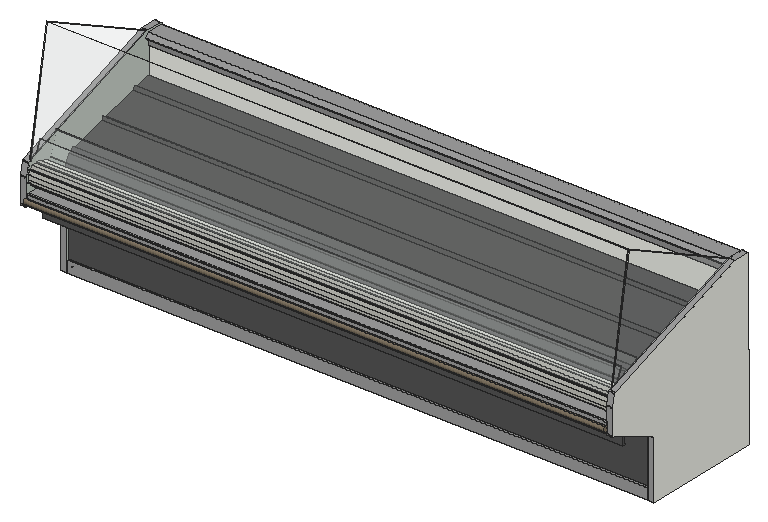
Revit family "DSFM-AG_2014", category Specialty Equipment, Revit 2014
Parameters (values of type "12'-0" Length")
  Width = 144"
  Waste Drain = 1 1/2"  # constant formula
  URL = "www.hussmann.com"
  Type Comments = "Chino"  # constant formula
  Trim = Stainless Steel
  Total Weight = Case Weight + (2 * End Weight)  # 0.00 lbf
  Splashguard = Stainless Steel
  Side Panel - Right [instance] = yes
  Side Panel - Left [instance] = yes
  Shelves = Sheet Metal (Steel Painted) - 701 Black
  Revit Family Date = "09/20/2016"  # constant formula
  Refrigeration Lines Suction = 5/8"  # constant formula
  Refrigeration Lines Liquid = 3/8"  # constant formula
  Refrig. Suction = "Suction"
  Refrig. Liquid = "Liquid"
  Number of Supports = if(Width < 50", 2, if(Width < 100", 3, 4))  # 4
  Note from Manufacturer = "This model only comes in 3'-0\", 4'-0\", 5'-0\", 6'-0\", 8'-0\", 10'-0\", and 12'-0\" lengths."
  Model URL = "http://www.hussmann.com/en/product%20viewer/display-cases/DSFM"
  Model = "DSFM with Angled Glass"  # constant formula
  Manufacturer Disclaimer = "The information in this file is not intended to be an exact representation of the corresponding Hussmann product.  Further, we reserve the right to change or revise specifications and product design in connection with any feature of our products. Such changes do not entitle the buyer to corresponding changes, improvements, additions, or replacements for equipment previously sold or shipped."  # constant formula
  Manufacturer = "Hussmann Corporation"  # constant formula
  Light [instance] = yes
  Height = 58 3/8"  # constant formula
  Glazing = Glass
  Ends = Textured Sheet Metal (Steel Painted) - 149 White Satin Matte
  End Weight = 0.00 lbf  # constant formula
  Drain from Side = if(Width > 73", 13 1/8", if(Width = 72", 66 3/4", 5 1/8"))  # 13 1/8"
  Drain from Centerline = if(Width > 73", 6", if(Width = 72", 5 3/4", if(Width < 71", 6 1/8", 0")))  # 6"
  Door Frame = Plastic - 144 Mist Gray
  Description = "Medium Depth Service Merchandiser for Fresh Seafood Applications"  # constant formula
  Depth = 41 5/8"  # constant formula
  Cutsheet URL = "http://www.hussmann.com/en/Technical%20Documents/DSFM_ds_En.pdf"
  Close Off Panel = Textured Sheet Metal (Steel Painted) - 701 Black
  Case Weight = if(Width = 24", 0.00 lbf, if(Width = 36", 0.00 lbf, if(Width = 48", 0.00 lbf, if(Width = 60", 0.00 lbf, if(Width = 72", 0.00 lbf, if(Width = 96", 0.00 lbf, if(Width = 120", 0.00 lbf, if(Width = 144", 0.00 lbf, 0.00 lbf))))))))  # 0.00 lbf
  Case Interior - Side Panel = Mirror
  Case Interior - Back Panel = Mirror
  Case = Textured Sheet Metal (Steel Painted) - 149 White Satin Matte
  Bumper = Extruded PVC - 747 Chocolate Brown
  Assembly Code = ""
  Accessories/Options = ""
Types (7): name | Width | Number of Supports | Drain from Side | Drain from Centerline
  12'-0" Length | 144" | 4 | 13 1/8" | 6"
  10'-0" Length | 120" | 4 | 13 1/8" | 6"
  8'-0" Length | 96" | 3 | 13 1/8" | 6"
  6'-0" Length | 72" | 3 | 66 3/4" | 5 3/4"
  5'-0" Length | 60" | 3 | 5 1/8" | 6 1/8"
  4'-0" Length | 48" | 2 | 5 1/8" | 6 1/8"
  3'-0" Length | 36" | 2 | 5 1/8" | 6 1/8"
Reference planes (in)
  plane 1 "Back": y = 0
  plane 2 "Bottom": z = 0
  plane 3 "Left": x = -77.30699
  plane 4 "Front": y = -41.625
  plane 5 "Center (Left/Right)": x = -5.30699
  plane 6: x = -78.80699
  plane 7 "Right": x = 66.69301
  plane 8: x = 68.19301
Forms (in)
  Extrusion 1, solid, material "Metal - Copper"
    sketch origin (57.40105, 5, -0.375) x (1, 0, 0) y (0, 1, 0)
      loop
        circle (-1.02054, -21.125) r 0.28859
      loop
        circle (-1.02054, -21.125) r 0.3125
    from 17.625 to 0.41
  Extrusion 2, solid, material "Metal - Copper"
    sketch origin (59.82608, 5, -0.375) x (1, 0, 0) y (0, 1, 0)
      loop
        circle (-2.94557, -21.125) r 0.17188
      loop
        circle (-2.94557, -21.125) r 0.1875
    from 17.625 to 0.375
  Extrusion 3, solid, material "Metal - Copper"
    sketch origin (-56.6875, 1.04319, 0) x (1, 0, 0) y (0, 1, 0)
      loop
        arc (-7.49449, -19.79319) -> (-8.02482, -20.01286) -> (-8.24449, -20.54319) r 0.75
        arc (-8.24449, -20.54319) -> (-8.02482, -21.07352) -> (-7.49449, -21.29319) r 0.75
        arc (-7.49449, -21.29319) -> (-6.96416, -21.07352) -> (-6.74449, -20.54319) r 0.75
        arc (-6.74449, -20.54319) -> (-6.96416, -20.01286) -> (-7.49449, -19.79319) r 0.75
      loop
        circle (-7.49449, -20.54319) r 0.7102
    from 16.34236 to 0
  Extrusion 4, solid, material "Metal - Copper"
    sketch origin (9.1875, 1.04319, 0) x (1, 0, 0) y (0, 1, 0)
      loop
        arc (-8.49449, -19.79319) -> (-9.02482, -20.01286) -> (-9.24449, -20.54319) r 0.75
        arc (-9.24449, -20.54319) -> (-9.02482, -21.07352) -> (-8.49449, -21.29319) r 0.75
        arc (-8.49449, -21.29319) -> (-7.96416, -21.07352) -> (-7.74449, -20.54319) r 0.75
        arc (-7.74449, -20.54319) -> (-7.96416, -20.01286) -> (-8.49449, -19.79319) r 0.75
      loop
        circle (-8.49449, -20.54319) r 0.7102
    from 16.34236 to 11.35892
  Extrusion 5, solid, material "Textured Sheet Metal (Steel Painted) - 149 White Satin Matte" <- "Case"
    sketch origin (-77.30699, 0, 0) x (0, 1, 0) y (0, 0, 1)
      loop
        line (-27.83594, 14.76385) -> (-27.83594, 0.83962) -> (-2.10346, 0.83962) -> (-2.10346, 14.62462) -> (0, 14.62462) -> (0, 42.51732) -> (-3.90855, 42.51732) -> (-3.90855, 40.51732) -> (-3.74953, 39.92387) -> (-3.6691, 39.92387) -> (-3.6691, 29.66553) -> (-7.27325, 28.52488) -> (-7.27325, 23.80279) -> (-8.62625, 23.69965) -> (-15.99507, 19.72211) -> (-15.99507, 17.26171) -> (-16.56548, 17.25175) -> (-16.56548, 16.34236) -> (-20.50298, 16.34236) -> (-20.50298, 17.26314) -> (-28.16873, 17.77684) -> (-36.20983, 21.19008) -> (-36.20983, 25.63995) -> (-36.06026, 27.34944) -> (-36.06026, 28.26483) -> (-37.92615, 28.62819) -> (-37.92615, 23.01712) -> (-41.306, 23.01712) -> (-41.556, 22.76712) -> (-41.556, 20.39212) -> (-41.09532, 20.39212) -> (-27.83594, 14.76385)
    from 0 to 144 <- "Width"
  Extrusion 6, solid, material "Stainless Steel" <- "Trim"
    sketch origin (-77.30699, 0, 0) x (0, 1, 0) y (0, 0, 1)
      loop
        line (-39.15131, 19.38055) -> (-39.09255, 19.54199) -> (-41.09532, 20.39212) -> (-41.556, 20.39212) -> (-41.556, 22.76712) -> (-41.306, 23.01712) -> (-37.92615, 23.01712) -> (-37.92615, 24.23914) -> (-37.99027, 24.23914) -> (-37.99027, 23.06512) -> (-41.4935, 23.06512)
        arc (-41.4935, 23.06512) -> (-41.61583, 23.01445) -> (-41.6665, 22.89212) r 0.173
        line (-41.6665, 22.89212) -> (-41.6665, 20.29601) -> (-39.15131, 19.38055)
    from 0 to 144 <- "Width"
  Extrusion 7, solid, material "Extruded PVC - 747 Chocolate Brown" <- "Bumper"
    sketch origin (-77.30699, 0, 0) x (0, 1, 0) y (0, 0, 1)
      loop
        arc (-42.0733, 22.13217) -> (-42.57553, 21.56967) -> (-42.0733, 21.00717) r 0.56612
        line (-42.0733, 21.00717) -> (-41.6665, 21.00717) -> (-41.6665, 21.37717) -> (-42.01053, 21.37717) -> (-42.01053, 21.49838)
        arc (-42.01053, 21.49838) -> (-41.97735, 21.56967) -> (-42.01053, 21.64097) r 0.09318
        line (-42.01053, 21.64097) -> (-42.01053, 21.76217) -> (-41.6665, 21.76217) -> (-41.6665, 22.13217) -> (-42.0733, 22.13217)
    from 0 to 144 <- "Width"
  Extrusion 8, solid, material "Stainless Steel" <- "Trim"
    sketch origin (-77.30699, 0, 0) x (0, 1, 0) y (0, 0, 1)
      loop
        line (-28.97798, 2.78974) -> (-28.97831, 0) -> (-28.4433, 0) -> (-28.4433, 0.035) -> (-28.9433, 0.035) -> (-28.9433, 2.785) -> (-28.90096, 3.09462) -> (-28.93565, 3.09929) -> (-28.97798, 2.78974)
      loop
        line (-1.91944, 0.48261) -> (-1.91944, 2.85914) -> (-1.94136, 3.10971) -> (-1.97623, 3.10666) -> (-1.95444, 2.85761) -> (-1.95444, 0.46987) -> (-1.61667, 0.06733) -> (-1.23482, 0) -> (-1.22874, 0.03447) -> (-1.59804, 0.09959) -> (-1.91944, 0.48261)
    from 0 to 144 <- "Width"
  Extrusion 9, solid, material "Textured Sheet Metal (Steel Painted) - 701 Black" <- "Close Off Panel"
    sketch origin (-77.30699, 0, 0) x (0, 1, 0) y (0, 0, 1)
      loop
        line (-28.89742, 0.75286) -> (-28.82456, 0.75286) -> (-28.82456, 15.18349) -> (-28.89742, 15.21442) -> (-28.89742, 0.75286)
      loop
        line (-1.97846, 0.83962) -> (-1.97846, 14.58962) -> (-2.10346, 14.58962) -> (-2.10346, 0.83962) -> (-1.97846, 0.83962)
    from 0 to 144 <- "Width"
  Extrusion 10, solid, material "Glass" <- "Glazing"
    sketch origin (-77.30699, 0, 0) x (0, 1, 0) y (0, 0, 1)
      loop
        line (-37.21672, 33.32229) -> (-37.24113, 33.37234) -> (-37.39003, 33.42361) -> (-37.44007, 33.3992) -> (-39.20891, 28.26213) -> (-39.1845, 28.21209) -> (-39.0356, 28.16082) -> (-38.98556, 28.18522) -> (-37.21672, 33.32229)
      loop
        line (-32.56173, 33.28373) -> (-34.42614, 28.06337) -> (-34.42614, 24.52546) -> (-34.17614, 24.52546) -> (-34.17614, 28.02006) -> (-32.32629, 33.19964)
        arc (-32.32629, 33.19964) -> (-32.40197, 33.3594) -> (-32.56173, 33.28373) r 0.125
      loop
        line (-34.88001, 58.36725) -> (-35.12582, 58.41281) -> (-40.95791, 26.94874) -> (-40.93268, 26.91203) -> (-40.74881, 26.87795) -> (-40.7121, 26.90318) -> (-34.88001, 58.36725)
    from 0 to 144 <- "Width"
  Extrusion 11, solid, material "Plastic - 144 Mist Gray" <- "Door Frame"
    sketch origin (-77.30699, 0, 0) x (0, 1, 0) y (0, 0, 1)
      loop
        arc (-37.92615, 28.87709) -> (-38.34989, 28.95475) -> (-38.76284, 28.83204) r 0.92486
        line (-38.76284, 28.83204) -> (-38.98556, 28.18522) -> (-39.0356, 28.16082) -> (-39.1845, 28.21209) -> (-39.20891, 28.26213) -> (-39.00656, 28.84979) -> (-40.35128, 28.84979) -> (-40.71783, 26.87225) -> (-40.96379, 26.91706) -> (-40.71176, 28.27671) -> (-40.81127, 28.14936) -> (-40.90276, 28.08871)
        arc (-40.90276, 28.08871) -> (-40.90535, 28.07024) -> (-40.8867, 28.06992) r 0.01245
        line (-40.8867, 28.06992) -> (-40.84348, 28.0623) -> (-40.87344, 28.0514) -> (-41.24256, 27.01633) -> (-41.36709, 25.93044) -> (-41.36709, 25.30649)
        arc (-41.36709, 25.30649) -> (-41.35556, 25.27865) -> (-41.32772, 25.26712) r 0.03937
        line (-41.32772, 25.26712) -> (-41.26867, 25.26712)
        arc (-41.26867, 25.26712) -> (-41.24083, 25.27865) -> (-41.2293, 25.30649) r 0.03937
        line (-41.2293, 25.30649) -> (-41.2293, 25.40491) -> (-41.28835, 25.46397) -> (-41.28835, 25.95609) -> (-41.2293, 26.05384) -> (-40.64268, 26.05384) -> (-40.64268, 24.70609)
        arc (-40.64268, 24.70609) -> (-40.59347, 24.65688) -> (-40.54426, 24.70609) r 0.04921
        line (-40.54426, 24.70609) -> (-40.54426, 25.1883) -> (-39.7845, 25.1883) -> (-39.7845, 25.05058) -> (-38.85135, 25.05058) -> (-38.85135, 24.57814) -> (-38.63481, 24.57814) -> (-38.63481, 24.4994) -> (-38.06394, 24.4994) -> (-38.06394, 24.3616) -> (-37.92615, 24.3616) -> (-37.92615, 28.87709)
    from 0 to 144 <- "Width"
  Extrusion 12, solid, material "Sheet Metal (Steel Painted) - 701 Black" <- "Shelves"
    sketch origin (-77.30699, 0, 0) x (0, 1, 0) y (0, 0, 1)
      loop
        line (-36.20983, 23.90789) -> (-33.73639, 23.90789) -> (-30.74171, 22.17891) -> (-3.6691, 30.52079) -> (-3.6691, 31.07755) -> (-4.13417, 30.9343) -> (-4.13417, 33.08566) -> (-7.58128, 32.14658) -> (-8.37125, 32.59829) -> (-8.82296, 31.80832) -> (-17.09693, 29.55428) -> (-17.94767, 30.04074) -> (-18.40956, 29.23297) -> (-26.70331, 26.97354) -> (-27.51108, 27.43543) -> (-27.99754, 26.58469) -> (-28.678, 26.39931) -> (-30.67615, 22.75882) -> (-33.59303, 24.44289) -> (-36.20983, 24.44289) -> (-36.20983, 23.90789)
    from 0 to 144 <- "Width"
  Extrusion 13, solid, material "Stainless Steel" <- "Trim"
    sketch origin (-77.30699, 0, 0) x (0, 1, 0) y (0, 0, 1)
      loop
        arc (-27.02344, 0.0785) -> (-27.00045, 0.02299) -> (-26.94494, 0) r 0.0785
        line (-26.94494, 0) -> (-25.25744, 0)
        arc (-25.25744, 0) -> (-25.20193, 0.02299) -> (-25.17894, 0.0785) r 0.0785
        line (-25.17894, 0.0785) -> (-25.17894, 0.766) -> (-24.42894, 0.766) -> (-24.42894, 0.83962) -> (-25.20619, 0.83962)
        arc (-25.20619, 0.83962) -> (-25.24336, 0.81085) -> (-25.25744, 0.766) r 0.0785
        line (-25.25744, 0.766) -> (-25.25744, 0.0785) -> (-26.94494, 0.0785) -> (-26.94494, 0.766)
        arc (-26.94494, 0.766) -> (-26.95901, 0.81085) -> (-26.99619, 0.83962) r 0.0785
        line (-26.99619, 0.83962) -> (-27.83594, 0.83962) -> (-27.83594, 1.657) -> (-27.91444, 1.657) -> (-27.91444, 0.8445)
        arc (-27.91444, 0.8445) -> (-27.89145, 0.78899) -> (-27.83594, 0.766) r 0.0785
        line (-27.83594, 0.766) -> (-27.02344, 0.766) -> (-27.02344, 0.0785)
      loop
        arc (-4.71994, 0.766) -> (-4.69873, 0.75721) -> (-4.68994, 0.736) r 0.03
        line (-4.68994, 0.736) -> (-4.68994, 0.0785)
        arc (-4.68994, 0.0785) -> (-4.66695, 0.02299) -> (-4.61144, 0) r 0.0785
        line (-4.61144, 0) -> (-2.92394, 0)
        arc (-2.92394, 0) -> (-2.86843, 0.02299) -> (-2.84544, 0.0785) r 0.0785
        line (-2.84544, 0.0785) -> (-2.84544, 0.736)
        arc (-2.84544, 0.736) -> (-2.83665, 0.75721) -> (-2.81544, 0.766) r 0.03
        line (-2.81544, 0.766) -> (-2.03294, 0.766) -> (-2.03294, 0.8445) -> (-2.84544, 0.8445)
        arc (-2.84544, 0.8445) -> (-2.90095, 0.82151) -> (-2.92394, 0.766) r 0.0785
        line (-2.92394, 0.766) -> (-2.92394, 0.1085)
        arc (-2.92394, 0.1085) -> (-2.93273, 0.08729) -> (-2.95394, 0.0785) r 0.03
        line (-2.95394, 0.0785) -> (-4.58144, 0.0785)
        arc (-4.58144, 0.0785) -> (-4.60265, 0.08729) -> (-4.61144, 0.1085) r 0.03
        line (-4.61144, 0.1085) -> (-4.61144, 0.736)
        arc (-4.61144, 0.736) -> (-4.64322, 0.81272) -> (-4.71994, 0.8445) r 0.1085
        line (-4.71994, 0.8445) -> (-5.42274, 0.8445) -> (-5.42274, 0.766) -> (-4.71994, 0.766)
    from 0 to 144 <- "Width"
  Extrusion 14, solid, material "Stainless Steel" <- "Trim"
    sketch origin (-77.30699, 0, 0) x (0, 1, 0) y (0, 0, 1)
      loop
        line (-3.6691, 39.52827) -> (-3.6691, 39.92387) -> (-3.74953, 39.92387) -> (-3.90855, 40.51732) -> (-3.90855, 42.51732) -> (0, 42.51732) -> (0, 41.32812) -> (0.0625, 41.32812) -> (0.0625, 42.56512) -> (-3.987, 42.56512) -> (-4.92495, 41.62717) -> (-4.67501, 41.30726) -> (-4.64743, 41.32881) -> (-4.78055, 41.49919) -> (-4.34034, 41.43732) -> (-3.87598, 39.47921) -> (-3.6691, 39.52827)
    from 0 to 144 <- "Width"
  Extrusion 15, solid, material "Textured Sheet Metal (Steel Painted) - 701 Black" <- "Close Off Panel", visible <- "Light"
    sketch origin (-77.30699, 0, 0) x (0, 1, 0) y (0, 0, 1)
      loop
        line (-36.625, 18.49458) -> (-36.625, 15.49458) -> (-36.125, 15.49458) -> (-36.125, 15.74458) -> (-36.1875, 15.74458) -> (-36.1875, 15.55708) -> (-36.5625, 15.55708) -> (-36.5625, 18.46805) -> (-36.625, 18.49458)
    from 0 to 144 <- "Width"
  Extrusion 16, solid, material "Glass" <- "Glazing", visible <- "Side Panel - Left"
    sketch origin (-77.30699, 0, 0) x (0, 1, 0) y (0, 0, 1)
      loop
        line (-34.88001, 58.36725) -> (-40.1583, 29.89094) -> (-4.01328, 42.80055) -> (-34.88001, 58.36725)
    from -0.25 to 0
  Extrusion 17, solid, material "Textured Sheet Metal (Steel Painted) - 149 White Satin Matte" <- "Ends", visible <- "Side Panel - Left"
    sketch origin (-77.30699, 0, 0) x (0, 1, 0) y (0, 0, 1)
      loop
        line (-3.9725, 42.81512) -> (-40.83797, 29.64818)
        arc (-40.83797, 29.64818) -> (-40.94058, 29.57902) -> (-40.99744, 29.46911) r 0.25
        line (-40.99744, 29.46911) -> (-41.65998, 26.62479)
        arc (-41.65998, 26.62479) -> (-41.66487, 26.59661) -> (-41.6665, 26.56807) r 0.25
        line (-41.6665, 26.56807) -> (-41.6665, 20.25686)
        arc (-41.6665, 20.25686) -> (-41.62497, 20.11888) -> (-41.51418, 20.02674) r 0.25
        line (-41.51418, 20.02674) -> (-29.37589, 14.87434)
        arc (-29.37589, 14.87434) -> (-29.20971, 14.73612) -> (-29.14742, 14.52915) r 0.375
        line (-29.14742, 14.52915) -> (-29.14742, 0.035) -> (0.25, 0.035) -> (0.25, 42.56512)
        arc (0.25, 42.56512) -> (0.17678, 42.74189) -> (0, 42.81512) r 0.25
        line (0, 42.81512) -> (-3.9725, 42.81512)
    from -1.5 to 0
  Extrusion 18, solid, material "Textured Sheet Metal (Steel Painted) - 149 White Satin Matte" <- "Ends", visible <- "Side Panel - Right"
    sketch origin (-77.30699, 0, 0) x (0, 1, 0) y (0, 0, 1)
      loop
        line (-3.9725, 42.81512) -> (-40.83797, 29.64818)
        arc (-40.83797, 29.64818) -> (-40.94058, 29.57902) -> (-40.99744, 29.46911) r 0.25
        line (-40.99744, 29.46911) -> (-41.65998, 26.62479)
        arc (-41.65998, 26.62479) -> (-41.66487, 26.59661) -> (-41.6665, 26.56807) r 0.25
        line (-41.6665, 26.56807) -> (-41.6665, 20.25686)
        arc (-41.6665, 20.25686) -> (-41.62497, 20.11888) -> (-41.51418, 20.02674) r 0.25
        line (-41.51418, 20.02674) -> (-29.37589, 14.87434)
        arc (-29.37589, 14.87434) -> (-29.20971, 14.73612) -> (-29.14742, 14.52915) r 0.375
        line (-29.14742, 14.52915) -> (-29.14742, 0.035) -> (0.25, 0.035) -> (0.25, 42.56512)
        arc (0.25, 42.56512) -> (0.17678, 42.74189) -> (0, 42.81512) r 0.25
        line (0, 42.81512) -> (-3.9725, 42.81512)
    from 145.5 to 144
  Extrusion 19, solid, material "Glass" <- "Glazing", visible <- "Side Panel - Right"
    sketch origin (-77.30699, 0, 0) x (0, 1, 0) y (0, 0, 1)
      loop
        line (-34.88001, 58.36725) -> (-40.1583, 29.89094) -> (-4.01328, 42.80055) -> (-34.88001, 58.36725)
    from 144 to 144.25
Lines and regions (in)
  reference lines
    curve 1: line (-64.18199, -41.625, 0) -> (-64.18199, 0, 0)
    curve 2: line (56.69301, -41.625, 0) -> (56.69301, 0, 0)
    curve 3: line (-77.30699, -19.5, 0) -> (66.69301, -19.5, 0)
    curve 4: line (66.69301, -16.125, 0) -> (-77.30699, -16.125, 0)
    curve 5: line (0.69301, -41.625, 0) -> (0.69301, 0, 0)
Dimensions and locks (in)
  equal spacing: plane 3 "Left", plane 5 "Center (Left/Right)", plane 7 "Right"
  locked: plane 6 to plane 3 "Left" at 1.5
  "Width": plane 3 "Left" to plane 7 "Right"
  "Drain from Side": plane 3 "Left" to curve 1
  "Depth": plane 4 "Front" to plane 1 "Back"
  locked: curve 2 to plane 7 "Right" at 10
  locked: curve 3 to plane 4 "Front" at 22.125
  locked: plane 1 "Back" to curve 4 at 16.125
  locked: plane 7 "Right" to plane 8 at 1.5
  locked: Extrusion 3 sketch curve to Extrusion 3 sketch curve at 0.0398
  locked: Extrusion 2 sketch curve to Extrusion 2 sketch curve at 0.01562
  locked: Extrusion 1 sketch curve to Extrusion 1 sketch curve at 0.02391
  "Drain from Centerline": plane 5 "Center (Left/Right)" to curve 5
  locked: Extrusion 4 sketch curve to Extrusion 4 sketch curve at 0.0398
  locked: nested 1 to plane 1 "Back" at 34.75
  locked: plane 3 "Left" to nested 1
  locked: plane 3 "Left" to Extrusion 16 at 0.25
  locked: Extrusion 19 to plane 7 "Right" at 0.25
  "Waste Drain": diameter of Extrusion 3 sketch curve
  "Refrigeration Lines Liquid": diameter of Extrusion 2 sketch curve
  "Refrigeration Lines Suction": diameter of Extrusion 1 sketch curve
  "Waste Drain": diameter of Extrusion 4 sketch curve
  aligned and locked: plane 4 "Front" to curve 1
  aligned and locked: plane 3 "Left" to curve 3
  aligned and locked: plane 3 "Left" to curve 4
  aligned and locked: plane 7 "Right" to curve 4
  aligned and locked: plane 7 "Right" to curve 3
  aligned and locked: curve 4 to Extrusion 2 sketch curve  (x4)
  aligned and locked: curve 4 to Extrusion 1 sketch curve  (x4)
  aligned and locked: curve 3 to Extrusion 3 sketch curve
  aligned and locked: curve 1 to Extrusion 3 sketch curve
  aligned and locked: curve 2 to Extrusion 2 sketch curve
  aligned and locked: curve 2 to Extrusion 1 sketch curve
  aligned and locked: curve 5 to Extrusion 4 sketch curve  (x2)
  aligned and locked: curve 3 to Extrusion 4 sketch curve  (x2)
  aligned and locked: plane 6 to Extrusion 17
  aligned and locked: plane 3 "Left" to Extrusion 17
  aligned and locked: plane 3 "Left" to Extrusion 16
  aligned and locked: plane 8 to Extrusion 18
  aligned and locked: Extrusion 18 to plane 7 "Right"
  aligned and locked: Extrusion 19 to plane 7 "Right"
Automatic sketch dimensions
  Extrusion 5 sketch curve to plane 1 "Back" = 0"
  plane 1 "Back" to Extrusion 5 sketch curve = 2.10346"
  plane 1 "Back" to Extrusion 5 sketch curve = 3.6691"
  Extrusion 5 sketch curve to Extrusion 5 sketch curve = 0.08043"
  Extrusion 5 sketch curve to Extrusion 5 sketch curve = 0.15901"
  Extrusion 5 sketch curve to Extrusion 5 sketch curve = 3.60415"
  Extrusion 5 sketch curve to Extrusion 5 sketch curve = 1.353"
  Extrusion 5 sketch curve to Extrusion 5 sketch curve = 7.36883"
  Extrusion 5 sketch curve to Extrusion 5 sketch curve = 0.57041"
  Extrusion 5 sketch curve to Extrusion 5 sketch curve = 3 15/16"
  Extrusion 5 sketch curve to Extrusion 5 sketch curve = 7.66575"
  plane 4 "Front" to Extrusion 5 sketch curve = 5.56474"
  Extrusion 5 sketch curve to Extrusion 5 sketch curve = 0.14956"
  Extrusion 5 sketch curve to Extrusion 5 sketch curve = 1.86588"
  plane 4 "Front" to Extrusion 5 sketch curve = 0.069"
  Extrusion 5 sketch curve to Extrusion 5 sketch curve = 0.90939"
  Extrusion 5 sketch curve to Extrusion 5 sketch curve = 0.00996"
  Extrusion 5 sketch curve to Extrusion 5 sketch curve = 1.70949"
  Extrusion 5 sketch curve to Extrusion 5 sketch curve = 0.91538"
  Extrusion 5 sketch curve to Extrusion 5 sketch curve = 0.36336"
  Extrusion 5 sketch curve to Extrusion 5 sketch curve = 1.14065"
  Extrusion 5 sketch curve to Extrusion 5 sketch curve = 10.25834"
  Extrusion 5 sketch curve to Extrusion 5 sketch curve = 0.59345"
  Extrusion 5 sketch curve to Extrusion 5 sketch curve = 2"
  level to Extrusion 5 sketch curve = 0.83962"
  Extrusion 5 sketch curve to Extrusion 5 sketch curve = 0.3328"
  Extrusion 5 sketch curve to Extrusion 5 sketch curve = 0.46068"
  plane 4 "Front" to Extrusion 5 sketch curve = 0.319"
  Extrusion 5 sketch curve to Extrusion 5 sketch curve = 3.01299"
  Extrusion 5 sketch curve to Extrusion 5 sketch curve = 2 3/8"
  Extrusion 5 sketch curve to Extrusion 5 sketch curve = 0.79796"
  Extrusion 5 sketch curve to Extrusion 5 sketch curve = 1/4"
  Extrusion 6 sketch curve to plane 4 "Front" = 0.0415"
  plane 4 "Front" to Extrusion 6 sketch curve = 2.47369"
  Extrusion 6 sketch curve to Extrusion 6 sketch curve = 0.91545"
  plane 4 "Front" to Extrusion 6 sketch curve = 0.1315"
  Extrusion 6 sketch curve to Extrusion 6 sketch curve = 3.50323"
  Extrusion 6 sketch curve to Extrusion 6 sketch curve = 0.048"
  Extrusion 6 sketch curve to Extrusion 6 sketch curve = 3/16"
  plane 4 "Front" to Extrusion 6 sketch curve = 0.069"
  Extrusion 6 sketch curve to Extrusion 6 sketch curve = 1/8"
  Extrusion 6 sketch curve to Extrusion 6 sketch curve = 0.09611"
  Extrusion 6 sketch curve to Extrusion 6 sketch curve = 0.46068"
  Extrusion 6 sketch curve to Extrusion 6 sketch curve = 0.05876"
  Extrusion 6 sketch curve to Extrusion 6 sketch curve = 0.06412"
  Extrusion 7 sketch curve to plane 4 "Front" = 0.4483"  (x2)
  Extrusion 7 sketch curve to plane 4 "Front" = 0.44553"
  Extrusion 7 sketch curve to Extrusion 7 sketch curve = 0.06"  (x2)
  Extrusion 7 sketch curve to Extrusion 7 sketch curve = 0.06112"
  Extrusion 7 sketch curve to plane 4 "Front" = 0.0415"  (x2)
  Extrusion 7 sketch curve to Extrusion 7 sketch curve = 0.37"
  Extrusion 7 sketch curve to Extrusion 7 sketch curve = 0.1212"  (x2)
  Extrusion 7 sketch curve to Extrusion 7 sketch curve = 0.0713"
  Extrusion 7 sketch curve to Extrusion 7 sketch curve = 0"
  level to Extrusion 8 sketch curve = 0"
  Extrusion 8 sketch curve to Extrusion 8 sketch curve = 0.00033"
  level to Extrusion 8 sketch curve = 3.09929"
  Extrusion 8 sketch curve to Extrusion 8 sketch curve = 0.04233"
  plane 4 "Front" to Extrusion 8 sketch curve = 12.64669"
  Extrusion 8 sketch curve to Extrusion 8 sketch curve = 1/2"
  Extrusion 8 sketch curve to Extrusion 8 sketch curve = 0.035"  (x2)
  level to Extrusion 8 sketch curve = 0.035"
  Extrusion 8 sketch curve to Extrusion 8 sketch curve = 0.00474"
  Extrusion 8 sketch curve to Extrusion 8 sketch curve = 0.30955"
  level to Extrusion 8 sketch curve = 3.09462"
  Extrusion 8 sketch curve to Extrusion 8 sketch curve = 0.03469"
  plane 4 "Front" to Extrusion 9 sketch curve = 12.72758"
  Extrusion 9 sketch curve to Extrusion 9 sketch curve = 0.07285"
  level to Extrusion 9 sketch curve = 0.75286"
  Extrusion 9 sketch curve to Extrusion 9 sketch curve = 0.03092"
  plane 1 "Back" to Extrusion 9 sketch curve = 1.97846"
  Extrusion 9 sketch curve to Extrusion 9 sketch curve = 1/8"
  level to Extrusion 9 sketch curve = 0.83962"
  plane 1 "Back" to Extrusion 8 sketch curve = 1.91944"
  level to Extrusion 8 sketch curve = 2.85914"
  Extrusion 8 sketch curve to Extrusion 8 sketch curve = 0.02192"
  Extrusion 8 sketch curve to Extrusion 8 sketch curve = 0.25057"
  Extrusion 8 sketch curve to Extrusion 8 sketch curve = 0.03487"
  Extrusion 8 sketch curve to Extrusion 8 sketch curve = 0.01274"
  Extrusion 8 sketch curve to level = 0"
  Extrusion 8 sketch curve to Extrusion 8 sketch curve = 0.32139"
  level to Extrusion 8 sketch curve = 0.46987"
  level to Extrusion 8 sketch curve = 0.06733"
  Extrusion 8 sketch curve to Extrusion 8 sketch curve = 0.01862"
  level to Extrusion 8 sketch curve = 0.03447"
  Extrusion 8 sketch curve to Extrusion 8 sketch curve = 0.00608"
  Extrusion 10 sketch curve to Extrusion 10 sketch curve = 0.02441"  (x4)
  Extrusion 10 sketch curve to Extrusion 10 sketch curve = 0.1489"  (x2)
  Extrusion 10 sketch curve to Extrusion 10 sketch curve = 0.05004"  (x4)
  plane 4 "Front" to Extrusion 10 sketch curve = 4.18493"
  Extrusion 10 sketch curve to Extrusion 10 sketch curve = 0.05127"
  Extrusion 10 sketch curve to Extrusion 10 sketch curve = 5.13707"
  Extrusion 10 sketch curve to Extrusion 10 sketch curve = 0.02686"
  Extrusion 10 sketch curve to Extrusion 10 sketch curve = 4.55941"
  Extrusion 10 sketch curve to Extrusion 10 sketch curve = 1/4"
  Extrusion 10 sketch curve to Extrusion 10 sketch curve = 4.65499"
  Extrusion 10 sketch curve to Extrusion 10 sketch curve = 0.11772"  (x2)
  Extrusion 10 sketch curve to Extrusion 10 sketch curve = 3.4946"
  Extrusion 10 sketch curve to Extrusion 10 sketch curve = 0.0433"
  Extrusion 10 sketch curve to Extrusion 10 sketch curve = 0.12265"
  Extrusion 10 sketch curve to Extrusion 10 sketch curve = 0.04204"
  plane 4 "Front" to Extrusion 12 sketch curve = 5.41517"
  Extrusion 12 sketch curve to Extrusion 12 sketch curve = 1.99815"
  Extrusion 12 sketch curve to Extrusion 12 sketch curve = 0.68046"
  Extrusion 12 sketch curve to Extrusion 12 sketch curve = 0.48646"
  Extrusion 12 sketch curve to Extrusion 12 sketch curve = 8.29375"
  Extrusion 12 sketch curve to Extrusion 12 sketch curve = 0.46189"
  Extrusion 12 sketch curve to Extrusion 12 sketch curve = 0.45171"
  Extrusion 12 sketch curve to Extrusion 12 sketch curve = 0.78997"  (x2)
  Extrusion 12 sketch curve to Extrusion 12 sketch curve = 3.44711"
  Extrusion 12 sketch curve to Extrusion 12 sketch curve = 0.93908"
  Extrusion 12 sketch curve to Extrusion 12 sketch curve = 2.15136"
  Extrusion 12 sketch curve to Extrusion 12 sketch curve = 2.47344"
  Extrusion 12 sketch curve to Extrusion 12 sketch curve = 0.14335"
  Extrusion 12 sketch curve to Extrusion 12 sketch curve = 3.06024"
  Extrusion 12 sketch curve to Extrusion 12 sketch curve = 0.06556"
  Extrusion 12 sketch curve to Extrusion 12 sketch curve = 0.46507"
  Extrusion 12 sketch curve to Extrusion 12 sketch curve = 0.41351"
  Extrusion 12 sketch curve to Extrusion 12 sketch curve = 8.27397"
  Extrusion 12 sketch curve to Extrusion 12 sketch curve = 0.55676"
  plane 4 "Front" to Extrusion 13 sketch curve = 14 77/128"
  level to Extrusion 13 sketch curve = 0.0785"  (x2)
  Extrusion 13 sketch curve to Extrusion 13 sketch curve = 1 11/16"
  Extrusion 13 sketch curve to Extrusion 13 sketch curve = 11/16"
  Extrusion 13 sketch curve to Extrusion 13 sketch curve = 3/4"
  Extrusion 13 sketch curve to Extrusion 13 sketch curve = 0.07362"
  Extrusion 13 sketch curve to Extrusion 13 sketch curve = 13/16"  (x2)
  Extrusion 13 sketch curve to Extrusion 13 sketch curve = 0"  (x11)
  Extrusion 13 sketch curve to Extrusion 13 sketch curve = 0.00488"
  Extrusion 13 sketch curve to Extrusion 13 sketch curve = 0.0785"  (x3)
  Extrusion 13 sketch curve to Extrusion 13 sketch curve = 0.05125"
  level to Extrusion 13 sketch curve = 0.766"  (x2)
  Extrusion 13 sketch curve to level = 0"  (x2)
  Extrusion 13 sketch curve to Extrusion 13 sketch curve = 0.02725"
  plane 1 "Back" to Extrusion 13 sketch curve = 5.42274"
  Extrusion 13 sketch curve to Extrusion 13 sketch curve = 0.7028"
  Extrusion 13 sketch curve to Extrusion 13 sketch curve = 0.03"  (x5)
  level to Extrusion 13 sketch curve = 0.1085"
  Extrusion 13 sketch curve to Extrusion 13 sketch curve = 1.6275"
  Extrusion 13 sketch curve to Extrusion 13 sketch curve = 0.7825"
  Extrusion 13 sketch curve to Extrusion 13 sketch curve = 0.6275"
  plane 1 "Back" to Extrusion 14 sketch curve = 4.34034"
  plane 1 "Back" to Extrusion 14 sketch curve = 3.87598"
  Extrusion 14 sketch curve to Extrusion 14 sketch curve = 0.20688"
  Extrusion 14 sketch curve to Extrusion 14 sketch curve = 0.04906"
  Extrusion 14 sketch curve to Extrusion 14 sketch curve = 1.95812"
  Extrusion 14 sketch curve to Extrusion 14 sketch curve = 0.30709"
  Extrusion 14 sketch curve to Extrusion 14 sketch curve = 0.10851"
  Extrusion 14 sketch curve to Extrusion 14 sketch curve = 0.13311"
  Extrusion 14 sketch curve to Extrusion 14 sketch curve = 0.02758"
  Extrusion 14 sketch curve to Extrusion 14 sketch curve = 0.02155"
  Extrusion 14 sketch curve to Extrusion 14 sketch curve = 0.1444"
  Extrusion 14 sketch curve to Extrusion 14 sketch curve = 0.35335"
  Extrusion 14 sketch curve to Extrusion 14 sketch curve = 1.1278"
  Extrusion 14 sketch curve to plane 1 "Back" = 1/16"
  Extrusion 14 sketch curve to Extrusion 14 sketch curve = 1.237"
  Extrusion 14 sketch curve to plane 1 "Back" = 0"
  Extrusion 14 sketch curve to Extrusion 14 sketch curve = 0.04779"
  Extrusion 14 sketch curve to Extrusion 14 sketch curve = 0.07845"
  Extrusion 14 sketch curve to Extrusion 14 sketch curve = 0.92"
  Extrusion 14 sketch curve to Extrusion 14 sketch curve = 0.08043"
  Extrusion 14 sketch curve to Extrusion 14 sketch curve = 0.39561"
  Extrusion 5 sketch curve to Extrusion 5 sketch curve = 13.785"
  Extrusion 5 sketch curve to Extrusion 5 sketch curve = 13.92423"
  Extrusion 5 sketch curve to Extrusion 5 sketch curve = 1.57851"
  Extrusion 5 sketch curve to Extrusion 5 sketch curve = 0.92079"
  Extrusion 5 sketch curve to Extrusion 5 sketch curve = 2.46041"
  Extrusion 5 sketch curve to Extrusion 5 sketch curve = 2.61528"
  Extrusion 5 sketch curve to Extrusion 5 sketch curve = 3.97753"
  Extrusion 5 sketch curve to Extrusion 5 sketch curve = 0.10314"
  Extrusion 5 sketch curve to Extrusion 5 sketch curve = 2.62283"
  Extrusion 5 sketch curve to Extrusion 5 sketch curve = 4.7221"
  level to Extrusion 6 sketch curve = 19.38055"
  Extrusion 6 sketch curve to Extrusion 6 sketch curve = 2 3/8"
  Extrusion 6 sketch curve to Extrusion 6 sketch curve = 1.17402"
  level to Extrusion 7 sketch curve = 21.00717"
  Extrusion 9 sketch curve to Extrusion 9 sketch curve = 13 3/4"
  Extrusion 9 sketch curve to Extrusion 9 sketch curve = 14.43063"
  level to Extrusion 10 sketch curve = 24.52546"
  Extrusion 12 sketch curve to Extrusion 12 sketch curve = 0.80777"
  Extrusion 12 sketch curve to Extrusion 12 sketch curve = 0.85074"
  level to Extrusion 12 sketch curve = 22.17891"
  Extrusion 12 sketch curve to Extrusion 12 sketch curve = 0.57991"
  Extrusion 12 sketch curve to Extrusion 12 sketch curve = 1.14906"
  Extrusion 12 sketch curve to Extrusion 12 sketch curve = 0.535"
  Extrusion 12 sketch curve to Extrusion 12 sketch curve = 3.64049"
  Extrusion 12 sketch curve to Extrusion 12 sketch curve = 0.18537"
  Extrusion 12 sketch curve to Extrusion 12 sketch curve = 0.38886"
  Extrusion 12 sketch curve to Extrusion 12 sketch curve = 2.25942"
  Extrusion 12 sketch curve to Extrusion 12 sketch curve = 0.32132"
  Extrusion 12 sketch curve to Extrusion 12 sketch curve = 0.96651"
  level to Extrusion 14 sketch curve = 39.47921"
  plane 4 "Front" to Extrusion 10 sketch curve = 2.63944"
  Extrusion 10 sketch curve to Extrusion 10 sketch curve = 0.09745"
  plane 4 "Front" to Extrusion 10 sketch curve = 0.9129"
  Extrusion 10 sketch curve to Extrusion 10 sketch curve = 0.03671"  (x2)
  Extrusion 10 sketch curve to Extrusion 10 sketch curve = 0.18388"
  Extrusion 10 sketch curve to Extrusion 10 sketch curve = 0.02523"  (x2)
  plane 4 "Front" to Extrusion 10 sketch curve = 6.49918"
  Extrusion 10 sketch curve to Extrusion 10 sketch curve = 0.24581"
  Extrusion 10 sketch curve to Extrusion 10 sketch curve = 1.33414"
  Extrusion 10 sketch curve to Extrusion 10 sketch curve = 0.03408"
  plane 4 "Front" to Extrusion 11 sketch curve = 0.25791"
  Extrusion 11 sketch curve to Extrusion 11 sketch curve = 0.03937"  (x2)
  Extrusion 11 sketch curve to Extrusion 11 sketch curve = 0.05906"  (x4)
  plane 4 "Front" to Extrusion 11 sketch curve = 0.38244"
  Extrusion 11 sketch curve to Extrusion 11 sketch curve = 0.27877"
  plane 4 "Front" to Extrusion 11 sketch curve = 0.72224"
  Extrusion 11 sketch curve to Extrusion 11 sketch curve = 0.00688"
  Extrusion 11 sketch curve to Extrusion 11 sketch curve = 0.00919"
  Extrusion 11 sketch curve to Extrusion 11 sketch curve = 0.01325"
  Extrusion 11 sketch curve to Extrusion 11 sketch curve = 0.02996"
  Extrusion 11 sketch curve to Extrusion 11 sketch curve = 0.03222"
  Extrusion 11 sketch curve to Extrusion 11 sketch curve = 0.24595"
  Extrusion 11 sketch curve to Extrusion 11 sketch curve = 0.0995"
  Extrusion 11 sketch curve to Extrusion 11 sketch curve = 0.58661"
  Extrusion 11 sketch curve to Extrusion 11 sketch curve = 0.04921"
  Extrusion 11 sketch curve to Extrusion 11 sketch curve = 0.75975"
  Extrusion 11 sketch curve to Extrusion 11 sketch curve = 0.02441"  (x2)
  Extrusion 11 sketch curve to Extrusion 11 sketch curve = 0.1489"
  Extrusion 11 sketch curve to Extrusion 11 sketch curve = 0.20235"
  Extrusion 11 sketch curve to Extrusion 11 sketch curve = 0.05004"  (x2)
  Extrusion 11 sketch curve to Extrusion 11 sketch curve = 0.93316"
  Extrusion 11 sketch curve to Extrusion 11 sketch curve = 0.24372"
  Extrusion 11 sketch curve to Extrusion 11 sketch curve = 0.21654"
  Extrusion 11 sketch curve to Extrusion 11 sketch curve = 0.68539"
  Extrusion 11 sketch curve to Extrusion 11 sketch curve = 0.57087"
  Extrusion 11 sketch curve to Extrusion 11 sketch curve = 0.1378"  (x2)
  level to Extrusion 11 sketch curve = 24.3616"
  Extrusion 11 sketch curve to Extrusion 11 sketch curve = 0.07874"
  Extrusion 11 sketch curve to Extrusion 11 sketch curve = 0.12795"
  Extrusion 11 sketch curve to Extrusion 11 sketch curve = 0.34449"
  Extrusion 11 sketch curve to Extrusion 11 sketch curve = 0.13772"
  Extrusion 11 sketch curve to Extrusion 11 sketch curve = 0.07881"
  Extrusion 11 sketch curve to Extrusion 11 sketch curve = 0.09843"
  Extrusion 11 sketch curve to Extrusion 11 sketch curve = 0.46648"
  Extrusion 11 sketch curve to Extrusion 11 sketch curve = 0.02565"
  Extrusion 11 sketch curve to Extrusion 11 sketch curve = 0.09774"
  Extrusion 11 sketch curve to Extrusion 11 sketch curve = 0.81841"
  Extrusion 11 sketch curve to Extrusion 11 sketch curve = 0.0109"
  Extrusion 11 sketch curve to Extrusion 11 sketch curve = 0.01852"
  Extrusion 11 sketch curve to Extrusion 11 sketch curve = 0.00841"
  Extrusion 11 sketch curve to Extrusion 11 sketch curve = 0.08705"
  Extrusion 11 sketch curve to Extrusion 11 sketch curve = 0.12958"
  Extrusion 11 sketch curve to Extrusion 11 sketch curve = 0.05127"
  Extrusion 11 sketch curve to Extrusion 11 sketch curve = 0.64682"
  Extrusion 11 sketch curve to Extrusion 11 sketch curve = 0.01775"
  Extrusion 11 sketch curve to Extrusion 11 sketch curve = 0.04481"
  Extrusion 11 sketch curve to Extrusion 11 sketch curve = 0.36048"
  Extrusion 11 sketch curve to Extrusion 11 sketch curve = 1.14237"
  Extrusion 11 sketch curve to Extrusion 11 sketch curve = 0.09927"
  Extrusion 11 sketch curve to Extrusion 11 sketch curve = 1.15899"
  Extrusion 11 sketch curve to Extrusion 11 sketch curve = 0.79839"
  Extrusion 11 sketch curve to Extrusion 11 sketch curve = 0.12736"
  plane 4 "Front" to Extrusion 15 sketch curve = 5"
  Extrusion 15 sketch curve to Extrusion 15 sketch curve = 1/16"  (x3)
  Extrusion 15 sketch curve to Extrusion 15 sketch curve = 3/8"
  level to Extrusion 15 sketch curve = 15.49458"
  Extrusion 15 sketch curve to Extrusion 15 sketch curve = 2.91097"
  Extrusion 15 sketch curve to Extrusion 15 sketch curve = 0.02653"
  Extrusion 15 sketch curve to Extrusion 15 sketch curve = 3/16"
  plane 4 "Front" to Extrusion 16 sketch curve = 6.74499"
  level to Extrusion 16 sketch curve = 58.36725"
  plane 1 "Back" to Extrusion 16 sketch curve = 4.01328"
  Extrusion 16 sketch curve to Extrusion 16 sketch curve = 15.5667"
  level to Extrusion 16 sketch curve = 29.89094"
  plane 4 "Front" to Extrusion 16 sketch curve = 1.4667"
  Extrusion 17 sketch curve to plane 1 "Back" = 0"
  plane 1 "Back" to Extrusion 17 sketch curve = 3.9725"
  level to Extrusion 17 sketch curve = 42.81512"
  level to Extrusion 17 sketch curve = 29.64818"
  Extrusion 17 sketch curve to Extrusion 17 sketch curve = 1/4"
  level to Extrusion 17 sketch curve = 0.035"
  plane 4 "Front" to Extrusion 17 sketch curve = 12.47758"
  Extrusion 17 sketch curve to Extrusion 17 sketch curve = 14.49415"
  Extrusion 17 sketch curve to Extrusion 17 sketch curve = 3/8"
  Extrusion 17 sketch curve to Extrusion 17 sketch curve = 0.14652"
  plane 4 "Front" to Extrusion 17 sketch curve = 0.11082"
  Extrusion 17 sketch curve to Extrusion 17 sketch curve = 9.62145"
  plane 4 "Front" to Extrusion 17 sketch curve = 0.2085"  (x2)
  Extrusion 17 sketch curve to Extrusion 17 sketch curve = 0.23013"
  Extrusion 17 sketch curve to Extrusion 17 sketch curve = 3.08011"
  Extrusion 17 sketch curve to plane 4 "Front" = 0.03498"
  plane 4 "Front" to Extrusion 17 sketch curve = 0.62756"
  Extrusion 17 sketch curve to Extrusion 17 sketch curve = 0.17907"
  Extrusion 17 sketch curve to Extrusion 17 sketch curve = 0.05637"
  Extrusion 17 sketch curve to Extrusion 17 sketch curve = 0.15948"
  Extrusion 18 sketch curve to plane 1 "Back" = 0"
  Extrusion 18 sketch curve to Extrusion 18 sketch curve = 3.9725"
  level to Extrusion 18 sketch curve = 0.035"
  plane 4 "Front" to Extrusion 18 sketch curve = 12.47758"
  Extrusion 18 sketch curve to Extrusion 18 sketch curve = 0.22848"
  Extrusion 18 sketch curve to Extrusion 18 sketch curve = 3/8"
  plane 4 "Front" to Extrusion 18 sketch curve = 0.87112"
  Extrusion 18 sketch curve to Extrusion 18 sketch curve = 0.08409"
  Extrusion 18 sketch curve to Extrusion 18 sketch curve = 0.15948"
  plane 4 "Front" to Extrusion 18 sketch curve = 0.2085"  (x2)
  plane 4 "Front" to Extrusion 18 sketch curve = 0.11082"
  Extrusion 18 sketch curve to plane 4 "Front" = 0.03498"
  Extrusion 18 sketch curve to plane 4 "Front" = 0.0415"
  Extrusion 18 sketch curve to plane 1 "Back" = 1/4"
  Extrusion 18 sketch curve to Extrusion 18 sketch curve = 14.49415"
  Extrusion 18 sketch curve to Extrusion 18 sketch curve = 5.1524"
  Extrusion 18 sketch curve to Extrusion 18 sketch curve = 6.31121"
  Extrusion 18 sketch curve to Extrusion 18 sketch curve = 2.84468"
  Extrusion 18 sketch curve to Extrusion 18 sketch curve = 0.05637"
  Extrusion 18 sketch curve to Extrusion 18 sketch curve = 27.69078"
  plane 4 "Front" to Extrusion 19 sketch curve = 1.4667"
  plane 4 "Front" to Extrusion 19 sketch curve = 6.74499"
  plane 1 "Back" to Extrusion 19 sketch curve = 4.01328"
  level to Extrusion 19 sketch curve = 29.89094"
  Extrusion 19 sketch curve to Extrusion 19 sketch curve = 12.90962"
  Extrusion 19 sketch curve to Extrusion 19 sketch curve = 28.47631"
  Extrusion 1 sketch curve to Extrusion 1 sketch curve = 0"
  Extrusion 2 sketch curve to Extrusion 2 sketch curve = 0"
  curve 5 to plane 4 "Front" = 0"
  curve 2 to plane 4 "Front" = 0"
  plane 1 "Back" to curve 1 = 0"
  plane 1 "Back" to curve 5 = 0"
  plane 1 "Back" to curve 2 = 0"
  Extrusion 3 sketch curve to Extrusion 3 sketch curve = 0"  (x3)
  Extrusion 4 sketch curve to Extrusion 4 sketch curve = 0"  (x2)
Nested families (in)
  nested 1: "Light" at (-5.30699, -26.14199, -35.50542), visible <- "Light", type "Light"
Connectors (in)
  piping at (56.38051, -16.125, 0.035), diameter 0.625, driven by "Refrig. Suction", driven by "Refrigeration Lines Suction"
    settings: on Extrusion 1, index 9, connector inside diameter 7/8", connector length 0", flow factor 0, pipe flow 0 GPM, pressure drop 0.00 psi, fitting loss kfactor 0, connector angle 0.00°, fixture units 0, engagement length 0", angle of deflection 0.00°, flow configuration 0, flow direction 2, fitting loss method 0, system type 22, joint type 0, gender type 0, connector reference index -1, connector utility 0, adjustable connector no, is connector primary yes, connector description "Suction"
  piping at (56.88051, -16.125, 0), diameter 0.375, driven by "Refrig. Liquid", driven by "Refrigeration Lines Liquid"
    settings: on Extrusion 2, index 10, connector inside diameter 3/8", connector length 0", flow factor 0, pipe flow 0 GPM, pressure drop 0.00 psi, fitting loss kfactor 0, connector angle 0.00°, fixture units 0, engagement length 0", angle of deflection 0.00°, flow configuration 0, flow direction 1, fitting loss method 0, system type 22, joint type 0, gender type 0, connector reference index -1, connector utility 0, adjustable connector no, is connector primary no, connector description "Liquid"
  piping at (-64.18199, -19.5, 0), diameter 1.5, driven by "Waste Drain"
    settings: on Extrusion 3, index 11, connector inside diameter 1 1/4", connector length 0", flow factor 0, pipe flow 0 GPM, pressure drop 0.00 psi, fitting loss kfactor 0, connector angle 0.00°, fixture units 0, engagement length 0", angle of deflection 0.00°, flow configuration 0, flow direction 0, fitting loss method 0, system type 16, joint type 0, gender type 0, connector reference index -1, connector utility 0, adjustable connector no, is connector primary no, connector description ""
  piping at (0.69301, -19.5, 11.35892), diameter 1.5, driven by "Waste Drain"
    settings: on Extrusion 4, index 12, connector inside diameter 1 1/4", connector length 0", flow factor 0, pipe flow 0 GPM, pressure drop 0.00 psi, fitting loss kfactor 0, connector angle 0.00°, fixture units 0, engagement length 0", angle of deflection 0.00°, flow configuration 0, flow direction 0, fitting loss method 0, system type 16, joint type 0, gender type 0, connector reference index -1, connector utility 0, adjustable connector no, is connector primary no, connector description ""
Definition of nested family "Light"
  Parameters (values of type "Light")
    Wattage = 16.1571 W
    built-in parameter 1150110 = 1 (stored number, unit not read)
    built-in parameter 1114217 = 1 (stored number, unit not read)
    built-in parameter 1150109 = 1 (stored number, unit not read)
    built-in parameter 1150134 = (empty or 0)
    built-in parameter 1150113 = 1 (stored number, unit not read)
    Lumens = 2400 lm
    built-in parameter 1150115 = 1 (stored number, unit not read)
    built-in parameter 1150105 = 763.94 (stored number, unit not read)
    Light Source Symbol Size = 24"
    built-in parameter 1150137 = (empty or 0)
    built-in parameter 1150139 = (empty or 0)
    Lense = none
    Length = 144"
    built-in parameter 1150112 = 1 (stored number, unit not read)
    built-in parameter 1150114 = 1 (stored number, unit not read)
    built-in parameter 1150132 = 2
    built-in parameter 1150102 = (empty or 0)
    built-in parameter 1150138 = (empty or 0)
    built-in parameter 1150107 = 6100 (stored number, unit not read)
    built-in parameter 1150106 = 7.6394 (stored number, unit not read)
    Emit from Line Length = Length  # 144"
    built-in parameter 1150104 = 13.8 (stored number, unit not read)
    Dimming Lamp Color Temperature Shift = (empty or 0)
    Color Filter = 16777215
    Casing = none
    built-in parameter 1114218 = 1 (stored number, unit not read)
    built-in parameter 1150133 = 10 (stored number, unit not read)
  Reference planes (in)
    plane 1 "Light Source Axis (F/B)": y = -8.60801
    plane 2: z = 0
    plane 3 "Light Source Axis (L/R)": x = 0
    plane 4 "Light Source Elevation": z = 52.5
    plane 5: z = 0
    plane 6 "Left": x = -72
    plane 7 "Right": x = 72
  Lines and regions (in)
    model lines
      curve 1: line (-72, -8.60801, 52.5) -> (72, -8.60801, 52.5)
  Dimensions and locks (in)
    equal spacing: plane 7 "Right", plane 3 "Light Source Axis (L/R)", plane 6 "Left"
    "Length": plane 7 "Right" to plane 6 "Left"
    aligned and locked: plane 3 "Light Source Axis (L/R)" to imposter light
    aligned and locked: plane 1 "Light Source Axis (F/B)" to imposter light
    aligned and locked: plane 4 "Light Source Elevation" to imposter light
    aligned and locked: level to plane 5
  Automatic sketch dimensions
    plane 1 "Light Source Axis (F/B)" to curve 1 = 0"
    curve 1 to plane 6 "Left" = 0"
    curve 1 to plane 7 "Right" = 0"
